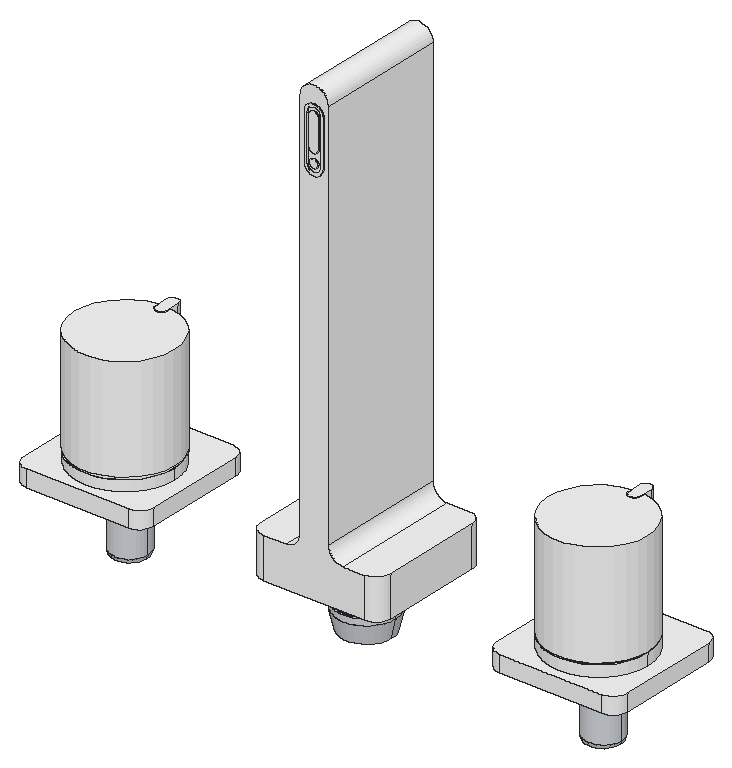
Revit family "Reece_Tap_Milli_Axon_Wall Bath Set", category Plumbing Fixtures, host Face, Revit 2018
Family settings
  Host = Face
  Round Connector Dimension = Use Diameter
  Part Type = Normal
  Cut with Voids When Loaded = No
  Shared = Yes
  Room Calculation Point = Yes
Parameters (values of type "Chrome")
  Waste Connection = no
  WFU = 0  # constant formula
  Vent Connection = no
  URL = "https://www.reece.com.au/product/-2252074"
  Type Comments = "Tap"
  Reece_Tap_Reach = 180 mm  # constant formula
  Reece_Tap_Inlet = 12 mm  # constant formula
  Reece_Product_Web Page = "https://www.reece.com.au/product/-2252074"
  Reece_Product_Type = "Tap"  # constant formula
  Reece_Product_Sub Brand = "Axon"  # constant formula
  Reece_Product_Number = "2252074"
  Reece_Product_Mount = "Wall Mounted"
  Reece_Product_Description = "Milli Axon Wall Bath Set Chrome"
  Reece_Product_Brand = "Milli"  # constant formula
  Reece_Overall_Projection = 195 mm  # constant formula
  Reece_Overall_Length = 255 mm  # constant formula
  Reece_Overall_Height = 55 mm  # constant formula
  Reece_Material_Secondary = Reece_Brass_Chrome
  Reece_Material_Main = Reece_Brass_Chrome
  Reece_Material_Colour = Reece_Brass_Chrome
  Reece_Detail_Shape = ""
  Reece_Detail_Disclaimer = "THIS FILE IS THE PROPERTY OF THE REECE GROUP. IT MAY NOT BE REPRODUCED, REVERSE-ENGINEERED OR MODIFIED. ANY REPUBLICATION, TRANSMISSION OR DISTRIBUTION FOR THE PURPOSE OF COMMERCIALLY EXPLOITING THE FILES IS PROHIBITED."  # constant formula
  Reece_Detail_Additional = ""
  Model = "Axon"
  Manufacturer = "Milli"
  Keynote = "Product #2252074, Reece_Tap_Milli_Axon_Wall Bath Set - Chrome"
  HWFU = 0  # constant formula
  HW Connection = no
  Disclaimer = "THIS FILE IS THE PROPERTY OF THE REECE GROUP. IT MAY NOT BE REPRODUCED, REVERSE-ENGINEERED OR MODIFIED. ANY REPUBLICATION, TRANSMISSION OR DISTRIBUTION FOR THE PURPOSE OF COMMERCIALLY EXPLOITING THE FILES IS PROHIBITED."  # constant formula
  Description = "Milli Axon Wall Bath Set Chrome"
  Default Elevation = 1000 mm
  CWFU = 0  # constant formula
  CW Connection = no
Types (4, lengths in mm): name | URL | Reece_Product_Web Page | Reece_Product_Number | Reece_Product_Description | Reece_Material_Main | Reece_Material_Colour | Keynote | Description
  (no name) | "https://www.reece.com.au/product/-2252074" | "https://www.reece.com.au/product/-2252074" | "2252074" | "Milli Axon Wall Bath Set Chrome" | Reece_Brass_Chrome | Reece_Brass_Chrome | "Product #2252074, Reece_Tap_Milli_Axon_Wall Bath Set -  " | "Milli Axon Wall Bath Set Chrome"
  Chrome | "https://www.reece.com.au/product/-2252074" | "https://www.reece.com.au/product/-2252074" | "2252074" | "Milli Axon Wall Bath Set Chrome" | Reece_Brass_Chrome | Reece_Brass_Chrome | "Product #2252074, Reece_Tap_Milli_Axon_Wall Bath Set - Chrome" | "Milli Axon Wall Bath Set Chrome"
  Chrome_Matte Black | "https://www.reece.com.au/product/-2252075" | "https://www.reece.com.au/product/-2252075" | "2252075" | "Milli Axon Wall Bath Set Chrome / Matte Black" | Reece_Brass_Chrome | Reece_Brass_Matte Black | "Product #2252075, Reece_Tap_Milli_Axon_Wall Bath Set - Chrome_Matte Black" | "Milli Axon Wall Bath Set Chrome / Matte Black"
  Matte Black_Chrome | "https://www.reece.com.au/product/-2252076" | "https://www.reece.com.au/product/-2252076" | "2252076" | "Milli Axon Wall Bath Set with Black Outlet Chrome / Matte Black" | Reece_Brass_Matte Black | Reece_Brass_Matte Black | "Product #2252076, Reece_Tap_Milli_Axon_Wall Bath Set - Matte Black_Chrome" | "Milli Axon Wall Bath Set with Black Outlet Chrome / Matte Black"
Reference planes
  plane 1 "Center (Front/Back)": y = 0
  plane 2 "Bottom": z = 0
  plane 3 "Center (Left/Right)": x = 0
  plane 4 "Top": z = 195
  plane 5: y = 27.357
  plane 6: y = -27.643
  plane 7: z = 180
  plane 8: x = -127.53
  plane 9: x = 127.47
Forms (mm)
  Extrusion 1, solid, material "Reece_Brass_Chrome" <- "Reece_Material_Main"
    sketch origin (99.985, -2.643, 0) x (-1, 0, 0) y (0, -1, 0)
      loop
        arc (21.5, -30) -> (25.743, -28.243) -> (27.5, -24) r 6
        line (27.5, -24) -> (27.5, 19)
        arc (27.5, 19) -> (25.743, 23.243) -> (21.5, 25) r 6
        line (21.5, 25) -> (-21.5, 25)
        arc (-21.5, 25) -> (-25.743, 23.243) -> (-27.5, 19) r 6
        line (-27.5, 19) -> (-27.5, -24)
        arc (-27.5, -24) -> (-25.743, -28.243) -> (-21.5, -30) r 6
        line (-21.5, -30) -> (21.5, -30)
      loop
        circle (0.016, 0) r 21
    from 0 to 6.973
  Extrusion 2, solid, material "Reece_Brass_Chrome" <- "Reece_Material_Main"
    sketch origin (-100.03, -2.643, 0) x (-1, 0, 0) y (0, -1, 0)
      loop
        arc (21.5, -30) -> (25.743, -28.243) -> (27.5, -24) r 6
        line (27.5, -24) -> (27.5, 19)
        arc (27.5, 19) -> (25.743, 23.243) -> (21.5, 25) r 6
        line (21.5, 25) -> (-21.5, 25)
        arc (-21.5, 25) -> (-25.743, 23.243) -> (-27.5, 19) r 6
        line (-27.5, 19) -> (-27.5, -24)
        arc (-27.5, -24) -> (-25.743, -28.243) -> (-21.5, -30) r 6
        line (-21.5, -30) -> (21.5, -30)
      loop
        circle (0, 0) r 21
    from 0 to 6.973
  Extrusion 3, solid, material "Reece_Brass_Chrome" <- "Reece_Material_Secondary"
    sketch origin (-0.03, -2.643, 0) x (-1, 0, 0) y (0, -1, 0)
      loop
        arc (-97.485, -20.849) -> (-100.015, 21) -> (-102.485, -20.852) r 21
        line (-102.485, -20.852) -> (-102.485, -19.221)
        arc (-102.485, -19.221) -> (-99.985, -16.721) -> (-97.485, -19.221) r 2.5
        line (-97.485, -19.221) -> (-97.485, -20.849)
      loop
        arc (102.5, -20.851) -> (100, 21) -> (97.5, -20.851) r 21
        line (97.5, -20.851) -> (97.5, -19.221)
        arc (97.5, -19.221) -> (100, -16.721) -> (102.5, -19.221) r 2.5
        line (102.5, -19.221) -> (102.5, -20.851)
    from 12.24 to 56
  Extrusion 4, solid, material "Reece_Brass_Chrome" <- "Reece_Material_Colour"
    sketch origin (-200.03, -2.643, 0) x (-1, 0, 0) y (0, -1, 0)
      loop
        arc (-102.5, -25.048) -> (-100, -27.548) -> (-97.5, -25.048) r 2.5
        line (-97.5, -25.048) -> (-97.5, -19.22)
        arc (-97.5, -19.22) -> (-100, -16.72) -> (-102.5, -19.22) r 2.5
        line (-102.5, -19.22) -> (-102.5, -25.048)
    from 12.24 to 56
  Extrusion 5, void
    sketch origin (-0.03, -2.643, 0) x (-1, 0, 0) y (0, -1, 0)
      loop
        circle (-100, 0) r 20.615
      loop
        circle (-100, 0) r 21
    from 11.531 to 12.24
  Extrusion 6, void
    sketch origin (-200.03, -2.643, 0) x (-1, 0, 0) y (0, -1, 0)
      loop
        circle (-100, 0) r 20.615
      loop
        circle (-100, 0) r 21
    from 11.184 to 12.24
  Extrusion 7, solid, material "Reece_Brass_Chrome" <- "Reece_Material_Colour"
    sketch origin (-0.03, -2.643, 0) x (-1, 0, 0) y (0, -1, 0)
      loop
        circle (100, 0) r 21
      loop
        circle (-100, 0) r 21
    from 0 to 12.24
  Extrusion 8, solid, material "Reece_Brass_Chrome" <- "Reece_Material_Colour"
    sketch origin (-0.045, -2.642, 0) x (-1, 0, 0) y (0, -1, 0)
      loop
        arc (-102.5, -25.048) -> (-100, -27.548) -> (-97.5, -25.048) r 2.5
        line (-97.5, -25.048) -> (-97.5, -19.22)
        arc (-97.5, -19.22) -> (-100, -16.72) -> (-102.5, -19.22) r 2.5
        line (-102.5, -19.22) -> (-102.5, -25.048)
    from 12.24 to 56
  Extrusion 9, solid, material "Reece_Brass_Chrome" <- "Reece_Material_Main"
    sketch origin (-0.005, -27.643, 0) x (-1, 0, 0) y (0, 0, 1)
      loop
        line (-6, 189) -> (-6, 23.04)
        arc (-6, 23.04) -> (-7.769, 18.769) -> (-12.04, 17) r 6.04
        line (-12.04, 17) -> (-27.5, 17) -> (-27.5, 0) -> (27.5, 0) -> (27.5, 17) -> (11.951, 17)
        arc (11.951, 17) -> (7.743, 18.743) -> (6, 22.951) r 5.951
        line (6, 22.951) -> (6, 189)
        arc (6, 189) -> (0, 195) -> (-6, 189) r 6
    from 0 to 55
  Extrusion 10, void
    sketch origin (-0.005, -27.643, 0) x (0, 1, 0) y (-1, 0, 0)
      loop
        line (0, 27.5) -> (0, 21.485)
        arc (0, 21.485) -> (1.762, 25.738) -> (6.015, 27.5) r 6.015
        line (6.015, 27.5) -> (0, 27.5)
      loop
        arc (5.981, -27.5) -> (1.752, -25.748) -> (0, -21.519) r 5.981
        line (0, -21.519) -> (0, -27.5) -> (5.981, -27.5)
      loop
        arc (55, -21.473) -> (53.235, -25.735) -> (48.973, -27.5) r 6.027
        line (48.973, -27.5) -> (55, -27.5) -> (55, -21.473)
      loop
        arc (48.963, 27.5) -> (53.232, 25.732) -> (55, 21.463) r 6.037
        line (55, 21.463) -> (55, 27.5) -> (48.963, 27.5)
    from 0 to 73.216
  Sweep 11, solid, material "Reece_Brass_Chrome" <- "Reece_Material_Main"
    path origin (-0.005, -25.203, 57.463) x (1, 0, 0) y (0, 0, -1)
      loop
        arc (-4, -126.492) -> (0, -130.492) -> (4, -126.492) r 4
        line (4, -126.492) -> (4, -107.249)
        arc (4, -107.249) -> (0, -103.249) -> (-4, -107.249) r 4
        line (-4, -107.249) -> (-4, -126.492)
    profile origin (-0.005, -25.203, 187.956) x (0, 0, -1) y (0, 1, 0)
      loop
        line (0, 0) -> (0, -2.628) -> (1.162, -2.628) -> (1.162, 0) -> (0, 0)
  Extrusion 12, solid, material "Reece_Brass_Chrome" <- "Reece_Material_Main"
    sketch origin (-0.005, -127.442, 57.876) x (1, 0, 0) y (0, 0, -1)
      loop
        arc (-2, -125.271) -> (0, -127.271) -> (2, -125.271) r 2
        line (2, -125.271) -> (2, -113.387)
        arc (2, -113.387) -> (0, -111.387) -> (-2, -113.387) r 2
        line (-2, -113.387) -> (-2, -125.271)
      loop
        circle (0, -107.49) r 1.8
    from 99.61 to 106.674
  Revolve 13, solid
    sketch origin (0, 0, 0) x (1, 0, 0) y (0, 0, 1)
      loop
        line (-92.261, -12.433) -> (-92.727, -8.974) -> (-91.395, -8.974) -> (-91.395, 0) -> (-100.03, 0) -> (-100.03, -28.974) -> (-92.822, -28.974) -> (-92.261, -27.433) -> (-92.261, -12.433)
      axis (-100.03, 0) -> (-100.03, -28.974)
    angle from 0 to 360
  Revolve 14, solid
    sketch origin (0, 0, 0) x (1, 0, 0) y (0, 0, 1)
      loop
        line (0, 0) -> (0, -22.751) -> (10.637, -22.751) -> (12.48, -14.77) -> (12.48, -12.249) -> (11.475, -12.249) -> (11.475, -11.269) -> (12.48, -11.269) -> (12.48, 0) -> (0, 0)
      axis (0, 0) -> (0, -22.751)
    angle from 0 to 360
  Revolve 15, void
    sketch origin (0, 0, 0) x (1, 0, 0) y (0, 0, 1)
      loop
        line (-100.03, 0) -> (-100.03, -15) -> (-90.03, -15) -> (-90.03, 0) -> (-100.03, 0)
      axis (-100.03, 0) -> (-100.03, -15)
    angle from 0 to 360
  Revolve 16, void
    sketch origin (0, 0, 0) x (1, 0, 0) y (0, 0, 1)
      loop
        line (0, 0) -> (0, -17.132) -> (15, -17.132) -> (15, 0) -> (0, 0)
      axis (0, 0) -> (0, -17.132)
    angle from 0 to 360
  Revolve 17, void
    sketch origin (0, 0, 0) x (-1, 0, 0) y (0, 0, 1)
      loop
        line (-100.03, 0) -> (-100.03, -15) -> (-90.03, -15) -> (-90.03, 0) -> (-100.03, 0)
      axis (-100.03, 0) -> (-100.03, -15)
    angle from 0 to 360
  Revolve 18, solid
    sketch origin (0, 0, 0) x (-1, 0, 0) y (0, 0, 1)
      loop
        line (-92.261, -12.433) -> (-92.727, -8.974) -> (-91.395, -8.974) -> (-91.395, 0) -> (-100.03, 0) -> (-100.03, -28.974) -> (-92.822, -28.974) -> (-92.261, -27.433) -> (-92.261, -12.433)
      axis (-100.03, 0) -> (-100.03, -28.974)
    angle from 0 to 360
Cuts and joins
  Extrusion 5 cuts Extrusion 3
  Extrusion 6 cuts Extrusion 4
  Extrusion 10, Revolve 16 cuts Extrusion 9
  Revolve 16 cuts Sweep 11
  Revolve 16 cuts Extrusion 12
  joined: Extrusion 9, Sweep 11, Extrusion 12
  Extrusion 5, Extrusion 6, Revolve 15, Revolve 17 cuts Extrusion 7
  Revolve 17 cuts Revolve 13
Text (mm)
  text "Reece Copyright © 2018, Reece Ltd." at (-177.974, -138.967, 0), in view "Ref. Level"
  text "Reece ©" at (55.496, 222.094, 144.377), in view "Reece Preview"
Dimensions and locks
  "Reece_Overall_Height": Extrusion 2 to plane 5
  "Reece_Overall_Projection": plane 4 "Top" to plane 2 "Bottom"
  "Reece_Tap_Reach": plane 7 to plane 2 "Bottom"
  "Reece_Tap_Reach": plane 7 to cut or joined group of Extrusion 9, Extrusion 10, Sweep 11, Extrusion 12, Revolve 16
  "Reece_Overall_Projection": plane 4 "Top" to cut or joined group of Extrusion 9, Extrusion 10, Sweep 11, Extrusion 12, Revolve 16
  "Reece_Overall_Height": plane 5 to plane 6
  Extrusion 2 to Extrusion 2 = 55 mm
  cut or joined group of Extrusion 9, Extrusion 10, Sweep 11, Extrusion 12, Revolve 16 to cut or joined group of Extrusion 9, Extrusion 10, Sweep 11, Extrusion 12, Revolve 16 = 55 mm
  "Reece_Overall_Length": plane 8 to plane 9
  plane 6 to plane 5 = 55 mm
  Extrusion 1 to Extrusion 1 = 55 mm
  aligned and locked: plane 2 "Bottom" to host face
  aligned and locked: level to host face
Automatic sketch dimensions
  host sketch curve to host sketch curve = 380.785 mm
  host sketch curve to host sketch curve = 317.421 mm
  Extrusion 3 sketch curve to Extrusion 3 sketch curve = 2.5 mm
  Extrusion 3 sketch curve to plane 5 = 9.148 mm
  Extrusion 3 sketch curve to plane 5 = 9.149 mm
  Extrusion 3 sketch curve to Extrusion 3 sketch curve = 0.004 mm
  Extrusion 3 sketch curve to Extrusion 3 sketch curve = 1.63 mm
  Extrusion 3 sketch curve to Extrusion 3 sketch curve = 1.628 mm
  plane 1 "Center (Front/Back)" to Extrusion 3 sketch curve = 2.643 mm  (x2)
  Extrusion 4 sketch curve to plane 5 = 4.952 mm
  Extrusion 4 sketch curve to Extrusion 4 sketch curve = 5.828 mm
  Extrusion 5 sketch curve to Extrusion 5 sketch curve = 0 mm  (x3)
  plane 1 "Center (Front/Back)" to Extrusion 5 sketch curve = 2.643 mm
  Extrusion 6 sketch curve to Extrusion 6 sketch curve = 0 mm  (x3)
  plane 1 "Center (Front/Back)" to Extrusion 6 sketch curve = 2.643 mm
  plane 1 "Center (Front/Back)" to Extrusion 7 sketch curve = 2.643 mm  (x2)
  Extrusion 8 sketch curve to Extrusion 8 sketch curve = 2.5 mm
  Extrusion 8 sketch curve to plane 5 = 4.951 mm
  Extrusion 8 sketch curve to Extrusion 8 sketch curve = 5.828 mm
  Extrusion 9 sketch curve to level = 0 mm
  plane 3 "Center (Left/Right)" to Extrusion 9 sketch curve = 12.035 mm
  plane 3 "Center (Left/Right)" to Extrusion 9 sketch curve = 5.995 mm
  Extrusion 9 sketch curve to plane 3 "Center (Left/Right)" = 0.005 mm
  Extrusion 9 sketch curve to Extrusion 9 sketch curve = 5.951 mm
  level to Extrusion 9 sketch curve = 17 mm  (x2)
  Extrusion 9 sketch curve to plane 4 "Top" = 6 mm
  plane 6 to Extrusion 10 sketch curve = 0 mm  (x2)
  Extrusion 10 sketch curve to plane 5 = 0 mm  (x2)
  Extrusion 10 sketch curve to Extrusion 10 sketch curve = 5.981 mm
  Extrusion 10 sketch curve to plane 6 = 6.015 mm
  Extrusion 10 sketch curve to Extrusion 10 sketch curve = 6.037 mm
  Extrusion 10 sketch curve to plane 5 = 6.027 mm
  Extrusion 10 sketch curve to Extrusion 10 sketch curve = 0 mm
  Sweep 11 sketch curve to plane 3 "Center (Left/Right)" = 4.005 mm
  Sweep 11 sketch curve to plane 3 "Center (Left/Right)" = 0.005 mm
  plane 7 to Sweep 11 sketch curve = 3.956 mm
  Sweep 11 sketch curve to plane 7 = 15.287 mm
  Sweep 11 sketch curve to profile plane = 0 mm  (x2)
  Sweep 11 sketch curve to Sweep 11 sketch curve = 1.162 mm
  Sweep 11 sketch curve to profile plane = 2.628 mm
  Extrusion 12 sketch curve to plane 3 "Center (Left/Right)" = 2.005 mm
  Extrusion 12 sketch curve to plane 3 "Center (Left/Right)" = 0.005 mm  (x2)
  plane 7 to Extrusion 12 sketch curve = 3.147 mm
  Extrusion 12 sketch curve to plane 7 = 8.737 mm
  Extrusion 12 sketch curve to Extrusion 12 sketch curve = 5.897 mm
  Revolve 13 sketch curve to level = 0 mm
  Revolve 13 sketch curve to Revolve 13 sketch curve = 0.561 mm
  Revolve 13 sketch curve to Revolve 13 sketch curve = 1.332 mm
  Revolve 13 sketch curve to level = 8.974 mm
  Revolve 13 sketch curve to Revolve 13 sketch curve = 3.459 mm
  Revolve 13 sketch curve to Revolve 13 sketch curve = 15 mm
  Revolve 13 sketch curve to Revolve 13 sketch curve = 1.541 mm
  Revolve 13 sketch curve to level = 5 mm
  Revolve 13 sketch curve to Revolve 13 sketch curve = 1.026 mm
  Revolve 14 sketch curve to plane 3 "Center (Left/Right)" = 0 mm  (x2)
  plane 3 "Center (Left/Right)" to Revolve 14 sketch curve = 10.637 mm
  Revolve 14 sketch curve to Revolve 14 sketch curve = 0.838 mm
  Revolve 14 sketch curve to Revolve 14 sketch curve = 1.005 mm
  Revolve 14 sketch curve to Revolve 14 sketch curve = 0 mm  (x2)
  Revolve 14 sketch curve to level = 22.751 mm
  Revolve 14 sketch curve to Revolve 14 sketch curve = 7.981 mm
  Revolve 14 sketch curve to Revolve 14 sketch curve = 2.521 mm
  Revolve 14 sketch curve to Revolve 14 sketch curve = 0.98 mm
  Revolve 14 sketch curve to Revolve 14 sketch curve = 11.269 mm
  Revolve 14 sketch curve to Revolve 14 sketch curve = 8.763 mm
  Revolve 15 sketch curve to level = 0 mm  (x2)
  Revolve 15 sketch curve to level = 15 mm
  Revolve 15 sketch curve to Revolve 15 sketch curve = 25 mm
  Revolve 16 sketch curve to level = 0 mm  (x2)
  Revolve 16 sketch curve to plane 3 "Center (Left/Right)" = 0 mm  (x2)
  Revolve 16 sketch curve to level = 17.132 mm
  Revolve 16 sketch curve to Revolve 16 sketch curve = 12.868 mm
  Revolve 17 sketch curve to level = 0 mm  (x2)
  level to Revolve 17 sketch curve = 15 mm
  Revolve 17 sketch curve to Revolve 17 sketch curve = 25 mm
  Revolve 18 sketch curve to level = 0 mm
  Revolve 18 sketch curve to Revolve 18 sketch curve = 0.561 mm
  Revolve 18 sketch curve to Revolve 18 sketch curve = 1.332 mm
  level to Revolve 18 sketch curve = 8.974 mm
  Revolve 18 sketch curve to Revolve 18 sketch curve = 3.459 mm
  Revolve 18 sketch curve to Revolve 18 sketch curve = 15 mm
  Revolve 18 sketch curve to Revolve 18 sketch curve = 1.541 mm
  level to Revolve 18 sketch curve = 5 mm
  Revolve 18 sketch curve to Revolve 18 sketch curve = 1.026 mm
  plane 3 "Center (Left/Right)" to Extrusion 3 sketch curve = 102.455 mm
  Extrusion 3 sketch curve to Extrusion 3 sketch curve = 2.485 mm
  Extrusion 3 sketch curve to plane 3 "Center (Left/Right)" = 97.53 mm
  Extrusion 3 sketch curve to Extrusion 3 sketch curve = 0 mm
  Extrusion 4 sketch curve to plane 3 "Center (Left/Right)" = 97.53 mm
  Extrusion 4 sketch curve to Extrusion 4 sketch curve = 2.5 mm
  plane 3 "Center (Left/Right)" to Extrusion 5 sketch curve = 99.97 mm
  Extrusion 6 sketch curve to plane 3 "Center (Left/Right)" = 100.03 mm
  plane 3 "Center (Left/Right)" to Extrusion 7 sketch curve = 99.97 mm
  Extrusion 7 sketch curve to plane 3 "Center (Left/Right)" = 100.03 mm
  plane 3 "Center (Left/Right)" to Extrusion 8 sketch curve = 102.455 mm
  Extrusion 9 sketch curve to Extrusion 9 sketch curve = 15.46 mm
  Extrusion 9 sketch curve to Extrusion 9 sketch curve = 15.549 mm
  plane 3 "Center (Left/Right)" to Extrusion 10 sketch curve = 27.495 mm  (x2)
  Extrusion 10 sketch curve to plane 3 "Center (Left/Right)" = 21.468 mm
  Extrusion 10 sketch curve to plane 3 "Center (Left/Right)" = 21.49 mm
  Revolve 13 sketch curve to plane 3 "Center (Left/Right)" = 100.03 mm
  Revolve 13 sketch curve to Revolve 13 sketch curve = 7.208 mm
  Revolve 13 sketch curve to Revolve 13 sketch curve = 0.465 mm
  Revolve 13 sketch curve to Revolve 13 sketch curve = 0 mm
  Revolve 15 sketch curve to plane 3 "Center (Left/Right)" = 100.03 mm
  Revolve 15 sketch curve to Revolve 15 sketch curve = 10 mm
  Revolve 15 sketch curve to Revolve 15 sketch curve = 0 mm
  plane 3 "Center (Left/Right)" to Revolve 16 sketch curve = 15 mm
  Revolve 17 sketch curve to plane 3 "Center (Left/Right)" = 100.03 mm
  Revolve 17 sketch curve to Revolve 17 sketch curve = 10 mm
  Revolve 17 sketch curve to Revolve 17 sketch curve = 0 mm
  Revolve 18 sketch curve to plane 3 "Center (Left/Right)" = 100.03 mm
  Revolve 18 sketch curve to Revolve 18 sketch curve = 7.208 mm
  Revolve 18 sketch curve to Revolve 18 sketch curve = 0.465 mm
  Revolve 18 sketch curve to Revolve 18 sketch curve = 0 mm
  plane 6 to Extrusion 2 sketch curve = 0 mm
  Extrusion 2 sketch curve to plane 5 = 0 mm
  Extrusion 2 sketch curve to plane 8 = 0 mm
  Extrusion 2 sketch curve to plane 8 = 6 mm  (x2)
  plane 1 "Center (Front/Back)" to Extrusion 2 sketch curve = 2.643 mm
  Extrusion 2 sketch curve to plane 8 = 27.5 mm
  Extrusion 2 sketch curve to plane 5 = 6 mm
  Extrusion 2 sketch curve to Extrusion 2 sketch curve = 21.5 mm
  Extrusion 2 sketch curve to Extrusion 2 sketch curve = 6 mm
  Extrusion 2 sketch curve to plane 8 = 6.5 mm
  Extrusion 1 sketch curve to plane 5 = 0 mm
  plane 6 to Extrusion 1 sketch curve = 0 mm
  plane 9 to Extrusion 1 sketch curve = 0.016 mm
  Extrusion 1 sketch curve to plane 9 = 5.984 mm  (x2)
  plane 1 "Center (Front/Back)" to Extrusion 1 sketch curve = 2.643 mm
  Extrusion 1 sketch curve to plane 9 = 27.5 mm
  Extrusion 1 sketch curve to plane 6 = 6 mm
  Extrusion 1 sketch curve to Extrusion 1 sketch curve = 21.484 mm
  Extrusion 1 sketch curve to plane 5 = 6 mm
  Extrusion 1 sketch curve to plane 9 = 6.5 mm
  radius of Extrusion 5 sketch curve = 20.615 mm
  radius of Extrusion 5 sketch curve = 21 mm
  radius of Extrusion 6 sketch curve = 20.615 mm
  radius of Extrusion 6 sketch curve = 21 mm
  radius of Extrusion 7 sketch curve = 21 mm  (x2)
  radius of Extrusion 12 sketch curve = 1.8 mm
Connectors
  piping at (-100.03, 0, 0), diameter 12, driven by "Reece_Tap_Inlet"
    settings: on host face, index 1, connector inside diameter 609.6 mm, connector length 0 mm, flow factor 0, pipe flow 0.0 L/s, pressure drop 0.0 Pa, fitting loss kfactor 0, connector angle 0.00°, fixture units 0, engagement length 0 mm, angle of deflection 0.00°, flow configuration 0, flow direction 1, fitting loss method 0, system type 29, joint type 0, gender type 0, connector reference index -1, connector utility 0, adjustable connector no, is connector primary yes, connector description ""
  piping at (0, 0, 0), diameter 12, driven by "Reece_Tap_Inlet"
    settings: on host face, index 2, connector inside diameter 609.6 mm, connector length 0 mm, flow factor 0, pipe flow 0.0 L/s, pressure drop 0.0 Pa, fitting loss kfactor 0, connector angle 0.00°, fixture units 0, engagement length 0 mm, angle of deflection 0.00°, flow configuration 0, flow direction 2, fitting loss method 0, system type 29, joint type 0, gender type 0, connector reference index -1, connector utility 0, adjustable connector no, is connector primary no, connector description ""
  piping at (100.03, 0, 0), diameter 12, driven by "Reece_Tap_Inlet"
    settings: on host face, index 3, connector inside diameter 609.6 mm, connector length 0 mm, flow factor 0, pipe flow 0.0 L/s, pressure drop 0.0 Pa, fitting loss kfactor 0, connector angle 0.00°, fixture units 0, engagement length 0 mm, angle of deflection 0.00°, flow configuration 0, flow direction 1, fitting loss method 0, system type 29, joint type 0, gender type 0, connector reference index -1, connector utility 0, adjustable connector no, is connector primary no, connector description ""
